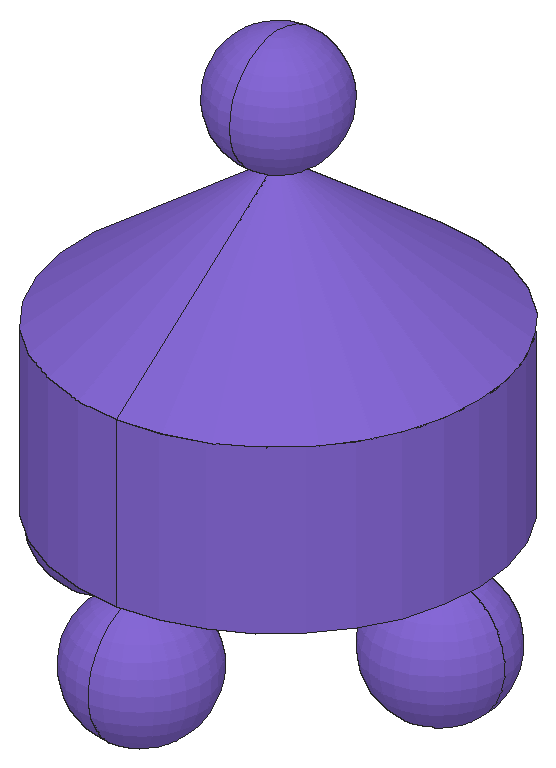
Revit family
Reference planes (in)
  plane 1 "Center (Front/Back)": y = 0
  plane 2: z = 0
  plane 3 "Center (Left/Right)": x = 0
Forms (in)
  Revolve 1, solid, material "Boundary Roller"
    sketch origin (0, 0, 0) x (0, 1, 0) y (0, 0, 1)
      loop
        line (0, 1.5) -> (0, -9.097) -> (5, -9.097) -> (5, -4.96211) -> (0.21374, -1.48469)
        arc (0.21374, -1.48469) -> (1.49617, 0.10715) -> (0, 1.5) r 1.5
      axis (0, 1.5) -> (0, -9.097)
    angle from 0 to 360
  Revolve 2, solid, material "Boundary Roller"
    sketch origin (-4, 0, 0) x (1, 0, 0) y (0, 0, 1)
      loop
        line (8, -9.097) -> (8, -12.347)
        arc (8, -12.347) -> (9.625, -10.722) -> (8, -9.097) r 1.625
      axis (8, -12.347) -> (8, -9.097)
    angle from 0 to 360
  Revolve 3, solid, material "Boundary Roller"
    sketch origin (-12.25, 0, 0) x (1, 0, 0) y (0, 0, 1)
      loop
        line (8, -9.097) -> (8, -12.347)
        arc (8, -12.347) -> (9.625, -10.722) -> (8, -9.097) r 1.625
      axis (8, -12.347) -> (8, -9.097)
    angle from 0 to 360
  Revolve 4, solid, material "Boundary Roller"
    sketch origin (0, 3.75, 0) x (0, -1, 0) y (0, 0, 1)
      loop
        line (8, -9.097) -> (8, -12.347)
        arc (8, -12.347) -> (9.625, -10.722) -> (8, -9.097) r 1.625
      axis (8, -12.347) -> (8, -9.097)
    angle from 0 to 360
  Revolve 5, solid, material "Boundary Roller"
    sketch origin (0, 12, 0) x (0, -1, 0) y (0, 0, 1)
      loop
        line (8, -9.097) -> (8, -12.347)
        arc (8, -12.347) -> (9.625, -10.722) -> (8, -9.097) r 1.625
      axis (8, -12.347) -> (8, -9.097)
    angle from 0 to 360
